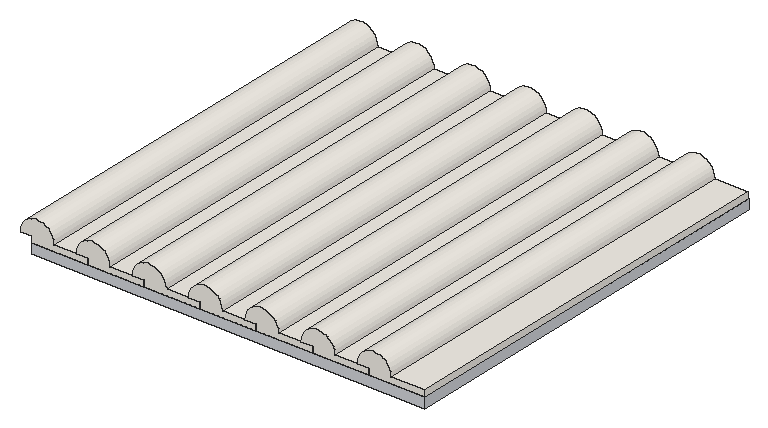
Revit family "Tambour Ellis 18  x 18", category Generic Models, host Face, Revit 2023
Family settings
  Host = Face
  Can host rebar = No
  Round Connector Dimension = Use Diameter
  Part Type = Normal
  Cut with Voids When Loaded = No
  Maintain Annotation Orientation = No
  Shared = No
  Room Calculation Point = No
Parameters (values of type "Tambour Ellis - 18 X 18 - SW MATTE WHITE")
  Tambour Material = Cambio Color Block - White Flour
  SUBSTRATE THICKNESS = 0' - 0 121/256"
  PANEL WIDTH = 1' - 5 1/2"
  PANEL HEIGHT = 1' - 6"
  Default Elevation = 4' - 0"
Types (7): name | Tambour Material
  (no name) | Cambio Color Block - White Flour
  Tambour Ellis - 18 X 18 - OAK | Cambio Wood Veneer - Oak
  Tambour Ellis - 18 X 18 - WALNUT | Cambio Wood Veneer - Walnut
  Tambour Ellis - 18 X 18 - SW MATTE BLACK | Cambio Color Block - Tricorn Black
  Tambour Ellis - 18 X 18 - SW MATTE WHITE | Cambio Color Block - White Flour
  Tambour Ellis - 18 X 18 - SW MATTE GRAY | Cambio Color Block - Serious Gray
  Tambour Ellis - 18 X 18 - SW MATTE LIGHT GRAY | Cambio Color Block - Morning Fog
Reference planes (in)
  plane 1 "Center (Front/Back)": y = 0
  plane 2: z = 0
  plane 3 "Center (Left/Right)": x = 0
Dimensions and locks (in)
  aligned and locked: plane 2 to host face
  aligned and locked: level to host face
Nested families (in)
  nested 1: "Tambour Ellis Stick" at (6.25, 0, 0.47266), type "TAMBOUR .75 - 18""
  nested 2: "Tambour Ellis Stick" at (3.75, 0, 0.47266), type "TAMBOUR .75 - 18""
  nested 3: "Tambour Ellis Stick" at (1.25, 0, 0.47266), type "TAMBOUR .75 - 18""
  nested 4: "Tambour Ellis Stick" at (-1.25, 0, 0.47266), type "TAMBOUR .75 - 18""
  nested 5: "Tambour Ellis Stick" at (-3.75, 0, 0.47266), type "TAMBOUR .75 - 18""
  nested 6: "Tambour Ellis Stick" at (-6.25, 0, 0.47266), type "TAMBOUR .75 - 18""
  nested 7: "Tambour Ellis Stick" at (-8.75, 0, 0.47266), type "TAMBOUR .75 - 18""
  nested 8: "17.5 x 18 Substrate" at (-0.25, 0, 0), type "17.5 x 18 Substrate"
Definition of nested family "Tambour Ellis Stick"
  Parameters (values of type "TAMBOUR .75 X 18" - OAK")
    TAMBOUR MATERIAL = none
    STICK LENGTH = 1' - 6"
    Default Elevation = 4' - 0"
  Types (25): name | STICK LENGTH
    (no name) | 1' - 6"
    TAMBOUR .75 X 18" - OAK | 1' - 6"
    TAMBOUR .75 X 36" - OAK | 3' - 0"
    TAMBOUR .75 X 54" - OAK | 4' - 6"
    TAMBOUR .75 X 90" - WALNUT | 7' - 6"
    TAMBOUR .75 X 18" - WALNUT | 1' - 6"
    TAMBOUR .75 X 36" - WALNUT | 3' - 0"
    TAMBOUR .75 X 54" - WALNUT | 4' - 6"
    TAMBOUR .75 X 90" - OAK | 7' - 6"
    TAMBOUR .75 X 18" - SW MATTE BLACK | 1' - 6"
    TAMBOUR .75 X 36" - SW MATTE BLACK | 3' - 0"
    TAMBOUR .75 X 54" - SW MATTE BLACK | 4' - 6"
    TAMBOUR .75 X 90" - SW MATTE BLACK | 7' - 6"
    TAMBOUR .75 X 90" - SW MATTE GREY | 7' - 6"
    TAMBOUR .75 X 54" - SW MATTE GREY | 4' - 6"
    TAMBOUR .75 X 36" - SW MATTE GREY | 4' - 6"
    TAMBOUR .75 X 18" - SW MATTE GREY | 1' - 6"
    TAMBOUR .75 X 18" -SW MATTE LIGHT GRAY | 1' - 6"
    TAMBOUR .75 X 36" -SW MATTE LIGHT GRAY | 3' - 0"
    TAMBOUR .75 X 54" -SW MATTE LIGHT GRAY | 4' - 6"
    TAMBOUR .75 X 90" -SW MATTE LIGHT GRAY | 7' - 6"
    TAMBOUR .75 X 90" -SW MATTE WHITE | 7' - 6"
    TAMBOUR .75 X 54" -SW MATTE WHITE | 4' - 6"
    TAMBOUR .75 X 36" -SW MATTE WHITE | 3' - 0"
    TAMBOUR .75 X 18" -SW MATTE WHITE | 1' - 6"
  Reference planes (in)
    plane 1 "Center (Front/Back)": y = 0
    plane 2: z = 0
    plane 3 "Center (Left/Right)": x = 0
    plane 4: y = -9
    plane 5: y = 9
  Forms (in)
    Extrusion 1, solid
      sketch origin (0, 0, 0) x (1, 0, 0) y (0, 1, 0)
        loop
          line (-48, 48) -> (-48, -48) -> (48, -48) -> (48, 48) -> (-48, 48)
      from 0 to -12
    Extrusion 2, solid, material <- "TAMBOUR MATERIAL"
      sketch origin (0, 0, 0) x (1, 0, 0) y (0, 0, 1)
        loop
          line (0, 0) -> (2.5, 0) -> (2.5, 0.25) -> (1, 0.25)
          arc (1, 0.25) -> (0.25, 1) -> (-0.5, 0.25) r 0.75
          line (-0.5, 0.25) -> (0, 0.25) -> (0, 0)
      from -9 to 9
  Dimensions and locks (in)
    equal spacing: plane 5, plane 1 "Center (Front/Back)", plane 4
    "STICK LENGTH": plane 5 to plane 4
    aligned and locked: plane 2 to Extrusion 1
    aligned and locked: level to Extrusion 1
    aligned and locked: Extrusion 2 to plane 4
    aligned and locked: plane 5 to Extrusion 2
  Automatic sketch dimensions
    Extrusion 1 sketch curve to Extrusion 1 sketch curve = 8' - 0"  (x2)
    Extrusion 2 sketch curve to plane 3 "Center (Left/Right)" = 0' - 0"
    Extrusion 2 sketch curve to level = 0' - 0"
    Extrusion 2 sketch curve to Extrusion 2 sketch curve = 0' - 0 1/2"
    plane 3 "Center (Left/Right)" to Extrusion 2 sketch curve = 0' - 0 1/4"
    level to Extrusion 2 sketch curve = 0' - 0 1/4"
    Extrusion 2 sketch curve to Extrusion 2 sketch curve = 0' - 1 1/2"
Definition of nested family "17.5 x 18 Substrate"
  Parameters (values of type "17.5 x 18 Substrate")
    Width = 1' - 5 1/2"
    Substrate Material = none
    Substrate Height = 1' - 3"
    Height = 1' - 6"
    Default Elevation = 4' - 0"
  Reference planes (in)
    plane 1 "Center (Front/Back)": y = 0
    plane 2: z = 0
    plane 3 "Center (Left/Right)": x = 0
    plane 4: x = -9
  Forms (in)
    Extrusion 1, solid
      sketch origin (0, 0, 0) x (1, 0, 0) y (0, 1, 0)
        loop
          line (-48, 48) -> (-48, -48) -> (48, -48) -> (48, 48) -> (-48, 48)
      from 0 to -12
    Extrusion 2, solid, material <- "Substrate Material"
      sketch origin (0, 0, 0) x (1, 0, 0) y (0, 1, 0)
        loop
          line (-8.5, 9) -> (-8.5, -9) -> (9, -9) -> (9, 9) -> (-8.5, 9)
      from 0 to 0.47244
  Dimensions and locks (in)
    plane 4 to plane 3 "Center (Left/Right)" to Extrusion 2 sketch curve = 0' - 9", 0' - 9"
    equal spacing: Extrusion 2 sketch curve, plane 1 "Center (Front/Back)", Extrusion 2 sketch curve
    "Height": Extrusion 2 to Extrusion 2
    "Width": Extrusion 2 to Extrusion 2
    locked: plane 4 to Extrusion 2 sketch curve at 0.5
    aligned and locked: plane 2 to Extrusion 1
    aligned and locked: level to Extrusion 1
  Automatic sketch dimensions
    Extrusion 1 sketch curve to Extrusion 1 sketch curve = 8' - 0"  (x2)
    plane 1 "Center (Front/Back)" to Extrusion 2 sketch curve = 0' - 9"
